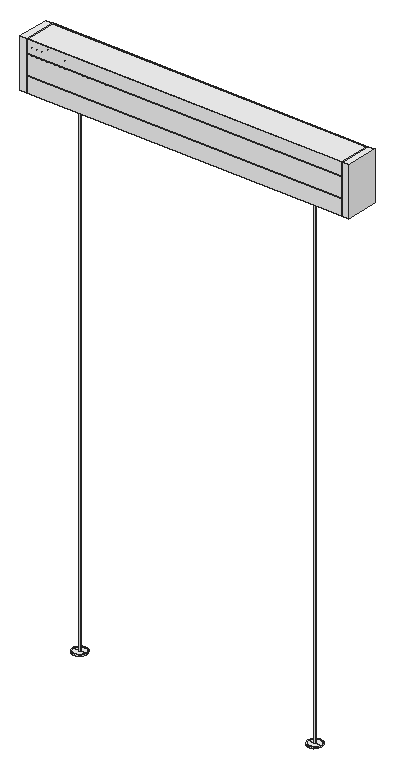
Revit family "2.3 inch  MAGIC WALL WASH LINEAR LIGHT", category Lighting Fixtures, host Face, Revit 2020 (continued)
Types (17): name | Wattage Comments | Wattage | Wall Mount | Suspenders Distance | Surface Mount | Recessed Mount | Photometric Web File | Pendent Mount | Order number | built-in parameter 1150142 | Model | built-in parameter 1150105 | Lumens | Light Source Height | Light Source Distance | built-in parameter 1150106 | Fixture Length
    .69  1037.14  1020.53  1003.73  986.90   \r\n 970.03   953.12   936.17   919.18   902.15   885.09   867.98   850.84   833.66   816.44   \r\n 799.19   781.93   764.93   748.38   731.77   715.08   698.34   681.53   664.66   647.72   \r\n 630.73   613.68   596.57   579.40   562.18   544.91   527.58   510.20   492.77   475.26   \r\n 457.68   440.06   422.40   404.72   386.99   369.24   351.45   333.64   315.79   297.92   \r\n 280.02   262.29   253.54   244.80   236.06   227.33   218.60   209.88   201.16   192.45   \r\n 183.74   175.04   166.34   157.64   148.95   140.26   131.58   122.89   114.22   105.54   \r\n 96.86    88.19    79.52    70.85    62.18    53.52    44.85    36.19    27.52    18.86    \r\n 10.19    9.97     9.75     9.53     9.31     9.09     8.87     8.65     8.43     8.20     \r\n 7.98     7.76     7.54     7.32     7.10     6.88     6.66     6.44     6.22     6.00     \r\n 5.78     5.56     5.34     5.12     4.90     4.69     4.47     4.25     4.04     3.82     \r\n 3.87     3.92     3.96     4.01     4.06     4.11     4.16     4.21     4.25     4.30     \r\n 4.35     4.40     4.44     4.49     4.54     4.58     4.63     4.68     4.72     4.77     \r\n 4.81     4.86     4.90     4.95     4.99     5.03     5.08     5.12     5.16     5.17     \r\n 5.16     5.15     5.14     5.13     5.12     5.10     5.09     5.08     5.07     5.06     \r\n 5.05     5.04     5.04     5.03     5.01     5.00     4.99     4.98     4.97     4.96     \r\n 4.95     4.94     4.93     4.93     4.92     4.92     4.91     4.91     4.90     4.87     \r\n 4.84     4.81     4.78     4.75     4.72     4.69     4.66     4.64     4.62     4.59     \r\n 4.57     4.55     4.53     4.51     4.48     4.46     4.44     4.42     4.40     4.38     \r\n 4.36     4.35     4.33     4.31     4.30     4.28     4.27     4.25     4.24     4.23     \r\n 4.21     4.20     4.19     4.18     4.16     4.15     4.14     4.13     4.11     4.10     \r\n 4.09     4.08     4.07     4.06     4.04     4.03     4.02     4.01     4.00     4.00     \r\n 3.99     3.98     3.97     3.96     3.95     3.95     3.94     3.93     3.92     3.92     \r\n 3.92     3.93     3.94     3.95     3.96     3.97     3.98     3.99     4.00     4.01     \r\n 4.01     4.02     4.03     4.04     4.04     4.05     4.07     4.08     4.10     4.11     \r\n 4.12     4.13     4.15     4.16     4.18     4.19     4.20     4.22     4.23     4.25     \r\n 4.26     \r\n1793.11  1795.21  1797.29  1799.35  1801.40  1803.42  1805.37  1807.02  1808.67  1810.31  \r\n 1811.94  1813.57  1815.12  1816.48  1817.82  1819.16  1820.50  1821.83  1823.07  1824.17  \r\n 1825.28  1826.38  1827.48  1828.58  1829.60  1830.56  1831.52  1832.49  1833.46  1834.45  \r\n 1835.30  1836.00  1835.77  1831.01  1826.22  1821.41  1816.51  1811.49  1806.44  1801.37  \r\n 1796.28  1791.17  1786.01  1780.75  1775.46  1770.16  1764.82  1759.47  1754.09  1748.18  \r\n 1742.25  1736.34  1730.42  1724.51  1718.60  1712.90  1707.37  1701.82  1696.26  1690.68  \r\n 1685.09  1679.48  1673.16  1666.81  1656.35  1645.24  1634.10  1622.93  1611.82  1601.02  \r\n 1590.16  1579.24  1568.25  1557.22  1546.12  1534.90  1523.25  1511.56  1499.83  1488.06  \r\n 1476.25  1464.39  1452.49  1440.64  1428.79  1416.91  1404.99  1393.04  1381.06  1369.05  \r\n 1357.00  1344.53  1331.99  1319.40  1305.06  1288.47  1271.83  1255.14  1238.39  1221.58  \r\n 1204.70  1187.75  1170.74  1153.67  1136.53  1119.32  1102.05  1084.72  1067.15  1049.39  \r\n 1031.55  1013.63  995.63   977.55   959.39   941.16   922.85   904.47   885.84   866.98   \r\n 848.02   828.98   809.86   790.66   772.07   753.51   734.96   716.40   697.85   679.29   \r\n 660.48   641.62   622.80   604.02   585.27   566.56   547.89   529.24   510.63   492.05   \r\n 473.50   454.98   436.49   418.03   399.59   381.14   362.73   344.36   326.05   307.78   \r\n 289.55   271.37   255.74   247.07   238.40   229.73   221.05   212.38   203.69   195.01   \r\n 186.32   177.63   168.94   160.24   151.54   142.84   134.14   125.44   116.73   108.02   \r\n 99.31    90.60    81.88    73.16    64.45    55.73    47.01    38.29    29.56    20.84    \r\n 12.12    11.83    11.54    11.25    10.96    10.67    10.37    10.08    9.79     9.50     \r\n 9.21     8.91     8.62     8.33     8.04     7.75     7.46     7.17     6.88     6.59     \r\n 6.31     6.02     5.73     5.45     5.17     4.88     4.60     4.32     4.04     4.01     \r\n 4.07     4.12     4.17     4.23     4.28     4.33     4.38     4.43     4.47     4.52     \r\n 4.56     4.61     4.65     4.69     4.73     4.77     4.81     4.85     4.89     4.93     \r\n 4.96     5.00     5.05     5.09     5.14     5.19     5.24     5.29     5.28     5.28     \r\n 5.28     5.28     5.27     5.27     5.27     5.26     5.26     5.26     5.25     5.25     \r\n 5.24     5.23     5.23     5.22     5.21     5.20     5.19     5.17     5.16     5.15     \r\n 5.14     5.13     5.11     5.10     5.08     5.06     5.05     5.01     4.96     4.92     \r\n 4.87     4.83     4.79     4.75     4.71     4.67     4.63     4.59     4.56     4.52     \r\n 4.49     4.46     4.43     4.40     4.37     4.34     4.31     4.28     4.26     4.23     \r\n 4.21     4.18     4.16     4.14     4.12     4.10     4.09     4.07     4.06     4.05     \r\n 4.04     4.02     4.01     4.00     3.98     3.97     3.96     3.95     3.94     3.93     \r\n 3.92     3.91     3.90     3.89     3.88     3.87     3.87     3.86     3.85     3.84     \r\n 3.84     3.83     3.82     3.82     3.81     3.80     3.80     3.80     3.79     3.80     \r\n 3.81     3.82     3.84     3.85     3.86     3.87     3.88     3.90     3.91     3.92     \r\n 3.94     3.95     3.97     3.98     3.99     4.00     4.01     4.02     4.03     4.05     \r\n 4.07     4.08     4.10     4.12     4.14     4.16     4.18     4.20     4.22     4.24     \r\n 4.26     \r\n1793.11  1796.46  1799.80  1803.11  1806.40  1809.54  1812.36  1815.17  1817.98  1820.78  \r\n 1823.40  1825.85  1828.31  1830.75  1833.19  1835.41  1837.56  1839.71  1841.87  1844.02  \r\n 1845.95  1847.89  1849.84  1851.81  1853.73  1855.43  1857.12  1858.79  1860.45  1862.03  \r\n 1863.45  1864.85  1866.24  1867.29  1863.29  1859.20  1855.07  1850.93  1846.75  1842.08  \r\n 1837.03  1831.97  1826.93  1821.89  1817.19  1812.76  1808.31  1803.85  1799.37  1794.50  \r\n 1789.17  1783.82  1778.43  1773.02  1767.74  1762.80  1757.85  1752.90  1747.93  1742.92  \r\n 1737.21  1731.51  1725.80  1720.08  1714.37  1708.64  1698.03  1687.37  1676.68  1665.94  \r\n 1655.14  1644.09  1632.97  1621.78  1610.52  1599.19  1587.62  1575.82  1563.99  1552.13  \r\n 1540.24  1528.32  1516.30  1504.19  1492.04  1479.85  1467.62  1455.34  1443.01  1430.59  \r\n 1418.10  1405.54  1392.92  1380.23  1367.47  1354.59  1339.89  1322.06  1304.02  1285.78  \r\n 1267.33  1248.46  1228.65  1208.66  1188.49  1168.14  1147.61  1126.91  1106.03  1084.60  \r\n 1062.97  1041.18  1019.23  997.11   974.84   952.41   929.82   906.80   883.69   860.50   \r\n 837.23   813.87   790.44   766.92   743.33   720.93   702.51   684.24   666.12   648.15   \r\n 630.31   612.62   595.06   577.64   560.35   543.18   526.08   509.07   492.19   475.42   \r\n 458.77   442.22   425.79   409.45   393.22   377.08   361.03   345.08   329.21   313.40   \r\n 297.63   281.93   266.29   252.70   243.81   234.92   226.03   217.16   208.29   199.43   \r\n 190.57   181.72   172.88   164.04   155.21   146.38   137.55   128.73   119.91   111.10   \r\n 102.29   93.48    84.67    75.87    67.06    58.26    49.46    40.66    31.86    23.06    \r\n 14.26    13.89    13.52    13.14    12.77    12.40    12.03    11.65    11.28    10.91    \r\n 10.53    10.16    9.79     9.41     9.04     8.67     8.30     7.93     7.56     7.19     \r\n 6.82     6.45     6.09     5.72     5.36     5.00     4.64     4.28     4.22     4.28     \r\n 4.34     4.41     4.47     4.53     4.59     4.65     4.71     4.77     4.83     4.89     \r\n 4.95     5.01     5.07     5.13     5.19     5.24     5.30     5.36     5.41     5.47     \r\n 5.52     5.58     5.63     5.69     5.74     5.79     5.79     5.77     5.76     5.74     \r\n 5.72     5.70     5.68     5.66     5.65     5.63     5.61     5.59     5.58     5.56     \r\n 5.54     5.53     5.51     5.49     5.48     5.46     5.45     5.43     5.42     5.40     \r\n 5.39     5.37     5.36     5.34     5.33     5.29     5.23     5.17     5.11     5.05     \r\n 5.00     4.94     4.89     4.83     4.78     4.73     4.68     4.63     4.58     4.53     \r\n 4.49     4.44     4.39     4.35     4.31     4.26     4.22     4.18     4.14     4.10     \r\n 4.06     4.02     3.99     3.95     3.92     3.88     3.87     3.86     3.85     3.84     \r\n 3.83     3.82     3.81     3.80     3.79     3.78     3.77     3.76     3.76     3.75     \r\n 3.74     3.74     3.73     3.72     3.72     3.71     3.70     3.70     3.69     3.69     \r\n 3.68     3.68     3.67     3.67     3.67     3.67     3.66     3.66     3.68     3.69     \r\n 3.71     3.72     3.74     3.75     3.77     3.78     3.80     3.81     3.83     3.85     \r\n 3.86     3.88     3.89     3.91     3.93     3.95     3.97     3.98     3.99     4.01     \r\n 4.02     4.04     4.06     4.08     4.11     4.13     4.16     4.18     4.21     4.23     \r\n 4.26     \r\n1793.11  1797.69  1802.25  1806.79  1811.30  1815.26  1819.22  1823.17  1827.12  1830.66  \r\n 1834.21  1837.74  1841.27  1844.45  1847.63  1850.81  1854.00  1856.90  1859.80  1862.73  \r\n 1865.66  1868.36  1871.03  1873.68  1876.32  1878.74  1881.11  1883.45  1885.79  1887.94  \r\n 1890.05  1892.15  1894.25  1895.60  1896.54  1894.33  1890.17  1886.47  1883.14  1879.80  \r\n 1876.44  1872.75  1868.47  1864.15  1859.80  1855.47  1851.53  1847.58  1843.63  1839.67  \r\n 1834.91  1830.02  1825.14  1820.25  1815.61  1811.15  1806.62  1802.01  1797.27  1792.04  \r\n 1786.81  1781.58  1776.35  1770.72  1764.83  1758.88  1752.88  1746.83  1737.71  1726.71  \r\n 1715.66  1704.57  1693.53  1682.57  1671.52  1660.38  1649.17  1637.55  1625.73  1613.85  \r\n 1601.93  1589.96  1577.49  1564.74  1551.85  1538.83  1525.67  1511.96  1497.94  1483.79  \r\n 1469.52  1455.14  1440.17  1424.42  1408.45  1392.28  1375.89  1359.30  1341.11  1318.36  \r\n 1294.39  1270.38  1246.32  1221.90  1196.35  1170.88  1145.48  1120.16  1094.91  1069.73  \r\n 1044.57  1019.52  994.58   969.76   945.04   920.44   896.18   872.18   848.28   824.47   \r\n 800.77   777.15   753.64   730.25   706.99   683.84   660.79   638.73   622.67   606.72   \r\n 590.87   575.24   559.79   544.42   529.12   513.89   498.74   483.65   468.63   453.68   \r\n 438.82   424.08   409.38   394.74   380.14   365.59   351.08   336.61   322.19   307.81   \r\n 293.47   279.16   264.89   250.65   237.15   228.49   219.86   211.25   202.65   194.07   \r\n 185.50   176.95   168.41   159.89   151.38   142.88   134.39   125.92   117.45   108.99   \r\n 100.54   92.10    83.66    75.23    66.80    58.37    49.95    41.54    33.12    24.70    \r\n 16.29    15.83    15.38    14.92    14.46    14.00    13.55    13.09    12.63    12.17    \r\n 11.71    11.25    10.80    10.34    9.88     9.42     8.97     8.51     8.06     7.61     \r\n 7.16     6.71     6.26     5.81     5.37     4.93     4.49     4.49     4.56     4.63     \r\n 4.71     4.78     4.85     4.92     4.99     5.06     5.13     5.20     5.26     5.33     \r\n 5.40     5.46     5.53     5.59     5.65     5.71     5.78     5.84     5.90     5.96     \r\n 6.02     6.08     6.14     6.20     6.19     6.18     6.16     6.14     6.12     6.11     \r\n 6.09     6.07     6.05     6.03     6.01     6.00     5.98     5.96     5.94     5.92     \r\n 5.90     5.88     5.86     5.84     5.82     5.80     5.78     5.75     5.73     5.71     \r\n 5.69     5.66     5.63     5.55     5.47     5.40     5.32     5.24     5.17     5.10     \r\n 5.03     4.97     4.91     4.85     4.79     4.73     4.68     4.62     4.57     4.52     \r\n 4.46     4.41     4.36     4.31     4.26     4.21     4.16     4.11     4.07     4.02     \r\n 3.98     3.94     3.90     3.86     3.83     3.81     3.78     3.75     3.73     3.71     \r\n 3.69     3.67     3.65     3.63     3.61     3.60     3.58     3.57     3.57     3.56     \r\n 3.56     3.55     3.55     3.54     3.54     3.53     3.53     3.53     3.53     3.53     \r\n 3.53     3.53     3.53     3.52     3.52     3.53     3.53     3.55     3.57     3.59     \r\n 3.61     3.62     3.64     3.66     3.68     3.70     3.72     3.74     3.76     3.77     \r\n 3.79     3.81     3.83     3.85     3.87     3.89     3.91     3.94     3.96     3.98     \r\n 3.99     4.01     4.02     4.05     4.08     4.10     4.13     4.16     4.20     4.23     \r\n 4.26     \r\n1793.11  1798.89  1804.64  1810.37  1815.75  1820.82  1825.89  1830.95  1835.55  1840.15  \r\n 1844.75  1849.12  1853.30  1857.48  1861.65  1865.48  1869.32  1873.19  1876.94  1880.56  \r\n 1884.17  1887.76  1891.08  1894.37  1897.65  1900.77  1903.74  1906.70  1909.66  1911.57  \r\n 1913.32  1915.03  1917.00  1919.52  1922.05  1924.60  1926.43  1924.27  1920.99  1917.73  \r\n 1914.78  1911.83  1908.88  1905.38  1901.32  1897.26  1893.21  1889.92  1886.73  1883.47  \r\n 1880.01  1875.57  1871.13  1866.69  1862.12  1857.28  1852.37  1847.41  1842.27  1837.00  \r\n 1831.70  1826.37  1821.17  1816.04  1810.92  1805.79  1800.09  1794.21  1788.31  1782.38  \r\n 1776.48  1767.30  1756.20  1744.94  1732.84  1720.41  1707.83  1695.10  1682.04  1668.65  \r\n 1654.98  1641.03  1626.37  1610.82  1594.91  1578.65  1561.85  1543.35  1524.39  1504.99  \r\n 1485.14  1464.67  1443.66  1422.17  1400.21  1377.82  1355.39  1332.55  1309.28  1285.60  \r\n 1261.43  1236.76  1211.47  1186.10  1160.88  1135.77  1110.78  1085.98  1061.36  1036.94  \r\n 1012.72  988.81   965.10   941.58   918.26   895.12   872.19   849.46   826.92   804.57   \r\n 782.41   760.43   738.60   716.93   695.42   674.08   652.91   631.89   611.04   590.38   \r\n 573.41   558.67   544.00   529.39   514.85   500.37   485.93   471.56   457.25   443.00   \r\n 428.82   414.69   400.63   386.62   372.70   358.85   345.04   331.26   317.52   303.82   \r\n 290.14   276.50   262.88   249.30   235.74   222.21   212.66   204.39   196.15   187.92   \r\n 179.71   171.52   163.35   155.20   147.06   138.94   130.83   122.73   114.65   106.57   \r\n 98.51    90.46    82.41    74.37    66.34    58.31    50.28    42.26    34.24    26.22    \r\n 18.20    17.66    17.11    16.57    16.02    15.47    14.92    14.37    13.83    13.28    \r\n 12.73    12.18    11.63    11.09    10.54    10.00    9.45     8.91     8.37     7.83     \r\n 7.30     6.76     6.23     5.70     5.17     4.79     4.87     4.94     5.02     5.09     \r\n 5.17     5.24     5.32     5.39     5.46     5.53     5.60     5.67     5.74     5.80     \r\n 5.87     5.94     6.00     6.06     6.13     6.19     6.25     6.31     6.38     6.44     \r\n 6.50     6.53     6.51     6.49     6.48     6.47     6.45     6.44     6.42     6.40     \r\n 6.39     6.37     6.36     6.34     6.33     6.31     6.29     6.28     6.26     6.24     \r\n 6.23     6.21     6.19     6.16     6.14     6.12     6.10     6.07     6.05     6.00     \r\n 5.91     5.82     5.74     5.65     5.57     5.49     5.41     5.33     5.25     5.17     \r\n 5.10     5.02     4.95     4.87     4.80     4.73     4.66     4.59     4.52     4.45     \r\n 4.38     4.31     4.24     4.18     4.12     4.07     4.01     3.96     3.92     3.88     \r\n 3.85     3.82     3.78     3.75     3.72     3.69     3.66     3.63     3.61     3.58     \r\n 3.56     3.54     3.52     3.50     3.48     3.46     3.45     3.43     3.42     3.41     \r\n 3.39     3.39     3.38     3.37     3.37     3.37     3.36     3.36     3.36     3.36     \r\n 3.36     3.36     3.37     3.37     3.38     3.40     3.43     3.45     3.47     3.49     \r\n 3.51     3.53     3.56     3.58     3.60     3.62     3.64     3.66     3.68     3.71     \r\n 3.73     3.75     3.77     3.79     3.82     3.84     3.86     3.89     3.91     3.94     \r\n 3.97     3.98     4.00     4.01     4.05     4.08     4.11     4.15     4.19     4.22     \r\n 4.26     \r\n1793.11  1800.04  1806.94  1813.82  1820.05  1826.20  1832.34  1838.08  1843.71  1849.33  \r\n 1854.63  1859.78  1864.93  1869.85  1874.59  1879.35  1884.04  1888.58  1893.11  1897.54  \r
